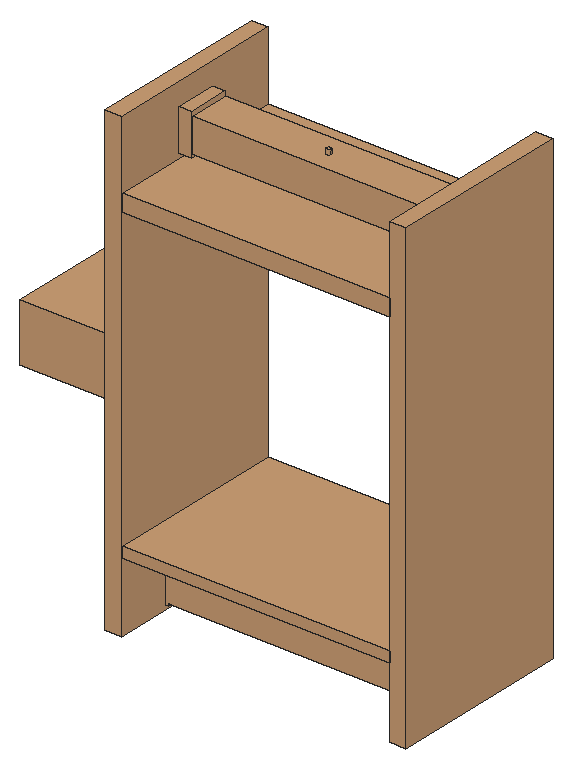
Revit family
Parameters
  Center of Unit = 0' - 0"  # constant formula
  Total Heating Capacity [instance] = 0.0 Btu/h
  Series = "VIFB"
  Outlet Area = 8.08 SF
  Lower Frame Thickness = if(Headers Height = 0' 3", 0' 1 1/4", if(Headers Height = 0' 3 1/4", 0' 1 1/4", 0' 0"))  # 0' - 1 1/4"
  Water Pressure Drop [instance] = 0.00 psi
  Water Flow [instance] = 0 GPM
  Unit Weight (lbs) = 410
  URL = "http://www.ljwing.com/"
  Water Outlet Radius = 0' - 1 1/2"
  Headers Height = if(M = 0' 1", 0' 3", if(M = 0' 1 1/2", 0' 3 1/4", 0' 0"))  # 0' - 3"
  Number of Rows = 2  # constant formula
  Number of Coils [instance] = 0
  Nominal Length = 3' - 0 3/16"
  N = 1' - 0 3/4"
  Model = "VB-3W"
  Manufacturer = "LJ Wing"
  M = 0' - 1"
  Leaving Water Temperature [instance] = 0 °F
  Leaving Air Temperature [instance] = 0 °F
  Entering Water Temperature [instance] = 0 °F
  Entering Air Temperature [instance] = 0 °F
  Description = "Vertical Integral Face & Bypass Water Heating Coils"
  Hot Water Inlet  Radius = 0' - 1 1/2"
  Coil Face Area = Outlet Area * 0.56  # 4.5248 SF
  Casing Material = ""
  Assembly Code = "D3020300"
  Air Vent Radius = 0' - 0 1/4"
  Air Pressure Drop [instance] = 0.00 in-wg
  Air Inlet Width = Nominal Length - 0' 4"  # 2' - 8 3/16"
  Air Inlet Height = Y  # 3' - 0"
  Air Flow [instance] = 0 CFM
  Y = 3' - 0"
  S = 0' - 9 3/4"  # constant formula
  Product URL = "http://www.ljwing.com/html/vifb.asp"
  OmniClass = "23-75 70 21 14 "
  Nominal Height = 4' - 8"
  Nominal Depth = 1' - 10"
  R = 0' - 10 1/4"  # constant formula
  Q = 0' - 3 3/32"
Reference planes (in)
  plane 1 "Center (Front/Back)": y = 0
  plane 2: z = -18
  plane 3 "Center (Left/Right)": x = 0
  plane 4: z = 28.25
  plane 5: x = -18.09375
  plane 6: x = 18.09375
  plane 7: z = -27.75
  plane 8: z = 0
  plane 9: y = -11
  plane 10: y = 11
  plane 11: z = 18
  plane 12: z = 20
  plane 13: z = -19.25
  plane 14: x = 16.09375
  plane 15: x = -16.09375
  plane 16: x = -15
  plane 17: x = 15
  plane 18: y = 14.0625
  plane 19: x = -29.09375
  plane 20: z = 25.125
  plane 21: z = 21.125
  plane 22: y = -2.5
  plane 23: y = 2.5
  plane 24: y = -4.5
  plane 25: z = -25.375
  plane 26: x = -5.34375
  plane 27: x = 5.34375
  plane 28: z = -21.375
Forms (in)
  Extrusion 1, solid, material "Painted Finish"
    sketch origin (0, 6, -9.75) x (1, 0, 0) y (0, 0, 1)
      loop
        line (-18.09375, -18) -> (-16.09375, -18) -> (-16.09375, 38) -> (-18.09375, 38) -> (-18.09375, -18)
      loop
        line (18.09375, -18) -> (18.09375, 38) -> (16.09375, 38) -> (16.09375, -18) -> (18.09375, -18)
    from -5 to 17
  Extrusion 2, solid, material "Painted Finish"
    sketch origin (0, 6, 0) x (1, 0, 0) y (0, 0, 1)
      loop
        line (16.09375, -18) -> (-16.09375, -18) -> (-16.09375, -19.25) -> (16.09375, -19.25) -> (16.09375, -18)
      loop
        line (16.09375, 18) -> (16.09375, 20) -> (-16.09375, 20) -> (-16.09375, 18) -> (16.09375, 18)
    from -5 to 17
  Extrusion 3, solid, material "Painted Finish"
    sketch origin (0, 10, -0.5) x (1, 0, 0) y (0, 0, 1)
      loop
        line (-18.09375, 4) -> (-29.09375, 4) -> (-29.09375, -3) -> (-18.09375, -3) -> (-18.09375, 4)
    from 0 to 20
  Extrusion 4, solid, material "Painted Finish"
    sketch origin (0, 6, 0) x (1, 0, 0) y (0, 0, 1)
      loop
        line (-14.46875, 25.125) -> (-14.46875, 21.125) -> (14.46875, 21.125) -> (14.46875, 25.125) -> (-14.46875, 25.125)
    from 3.5 to 8.5
  Extrusion 5, solid, material "Painted Finish"
    sketch origin (0, 0, 0) x (1, 0, 0) y (0, 0, 1)
      loop
        line (-14.46875, 20.625) -> (-14.46875, 25.625) -> (-16.09375, 25.625) -> (-16.09375, 20.625) -> (-14.46875, 20.625)
      loop
        line (16.09375, 20.625) -> (16.09375, 25.625) -> (14.46875, 25.625) -> (14.46875, 20.625) -> (16.09375, 20.625)
    from -2.5 to 2.5
  Extrusion 6, solid, material "Painted Finish"
    sketch origin (0, 6, 0) x (1, 0, 0) y (0, 0, 1)
      loop
        line (-15.59375, -19.875) -> (-15.59375, -19.625) -> (-16.09375, -19.625) -> (-16.09375, -23.125) -> (-15.59375, -23.125) -> (-15.59375, -22.875) -> (15.59375, -22.875) -> (15.59375, -23.125) -> (16.09375, -23.125) -> (16.09375, -19.625) -> (15.59375, -19.625) -> (15.59375, -19.875) -> (-15.59375, -19.875)
      loop
        line (15.59375, -26.875) -> (15.59375, -27.125) -> (16.09375, -27.125) -> (16.09375, -23.625) -> (15.59375, -23.625) -> (15.59375, -23.875) -> (-15.59375, -23.875) -> (-15.59375, -23.625) -> (-16.09375, -23.625) -> (-16.09375, -27.125) -> (-15.59375, -27.125) -> (-15.59375, -26.875) -> (15.59375, -26.875)
    from -5 to 10.5
  Extrusion 7, void
    sketch origin (0, 0, 0) x (1, 0, 0) y (0, 0, 1)
      loop
        line (-16.09375, 18) -> (-16.09375, -18) -> (16.09375, -18) -> (16.09375, 18) -> (-16.09375, 18)
    from -11 to 11
  Extrusion 8, solid, material "Painted Finish"
    sketch origin (0, 0, 0) x (1, 0, 0) y (0, 0, 1)
      loop
        circle (5.34375, -25.375) r 1
      loop
        circle (-5.34375, -21.375) r 1
    from -14.0625 to -11
  Extrusion 9, solid, material "Painted Finish"
    sketch origin (0, 0, 0) x (1, 0, 0) y (0, 1, 0)
      loop
        circle (0, 0) r 0.25
    from 25.125 to 25.625
Cuts and joins
  Extrusion 7 cuts Extrusion 1
  Extrusion 7 cuts Extrusion 2
Dimensions and locks (in)
  "Nominal Length": plane 6 to plane 5
  equal spacing: plane 6, plane 3 "Center (Left/Right)", plane 5
  "S": plane 2 to plane 7
  "Nominal Depth": plane 10 to plane 9
  equal spacing: plane 10, plane 1 "Center (Front/Back)", plane 9
  "Y": plane 11 to plane 2
  "R": plane 4 to plane 11
  locked: plane 12 to plane 11 at 2
  "Lower Frame Thickness": plane 2 to plane 13
  "Q": plane 16 to plane 5
  "Q": plane 6 to plane 17
  locked: plane 18 to plane 10 at 3.0625
  locked: plane 5 to plane 19 at 11
  locked: Extrusion 3 sketch curve to Extrusion 3 sketch curve at 7
  locked: Extrusion 3 to Extrusion 3 at 20
  locked: plane 6 to plane 14 at 2
  locked: plane 15 to plane 5 at 2
  locked: Extrusion 5 sketch curve to plane 20 at 0.5
  locked: plane 21 to Extrusion 5 sketch curve at 0.5
  locked: plane 20 to plane 21 at 4
  locked: plane 23 to plane 22 at 5
  equal spacing: plane 23, plane 1 "Center (Front/Back)", plane 22
  locked: plane 22 to plane 24 at 2
  plane 4 to plane 7 = 4' - 8"
  locked: Extrusion 5 sketch curve to Extrusion 1 at 1.625
  locked: Extrusion 5 sketch curve to Extrusion 5 sketch curve at 1.625
  locked: Extrusion 7 sketch curve to plane 11 at 0
  locked: Extrusion 7 sketch curve to plane 15 at 0
  locked: Extrusion 7 sketch curve to plane 14 at 0
  locked: plane 15 to Extrusion 6 sketch curve at 0.5
  locked: Extrusion 6 sketch curve to Extrusion 6 sketch curve at 0.25  (x2)
  locked: plane 25 to plane 7 at 2.375
  "N": plane 26 to plane 5
  "N": plane 6 to plane 27
  locked: plane 28 to plane 7 at 6.375
  "Headers Height": Extrusion 6 sketch curve to Extrusion 6 sketch curve  (x2)
  locked: Extrusion 8 sketch curve to plane 25 at 0
  locked: Extrusion 8 sketch curve to plane 28 at 0
  locked: Extrusion 9 sketch curve to plane 1 "Center (Front/Back)" at 0
  locked: Extrusion 9 sketch curve to plane 3 "Center (Left/Right)" at 0
  equal spacing: Extrusion 6 sketch curve, plane 28, Extrusion 6 sketch curve
  equal spacing: Extrusion 6 sketch curve, plane 25, Extrusion 6 sketch curve
  locked: plane 4 to plane 20 at 3.125
  locked: Extrusion 7 sketch curve to plane 2 at 0
  equal spacing: plane 11, plane 8, plane 2
  locked: Extrusion 8 sketch curve to plane 27 at 0
  locked: Extrusion 8 sketch curve to plane 26 at 0
  "M": radius of Extrusion 8 sketch curve  (x2)
  "Air Vent Radius": radius of Extrusion 9 sketch curve
  aligned and locked: Extrusion 1 to plane 9
  aligned and locked: Extrusion 1 to plane 10
  aligned and locked: plane 15 to Extrusion 1
  aligned and locked: Extrusion 1 to plane 14
  aligned and locked: plane 9 to Extrusion 2
  aligned and locked: plane 9 to Extrusion 1
  aligned and locked: plane 10 to Extrusion 1  (x2)
  aligned and locked: Extrusion 2 to plane 10
  aligned and locked: plane 10 to Extrusion 2  (x2)
  aligned and locked: Extrusion 2 to plane 9  (x2)
  aligned and locked: plane 5 to Extrusion 3
  aligned and locked: Extrusion 5 sketch curve to plane 15
  aligned and locked: Extrusion 5 sketch curve to Extrusion 4
  aligned and locked: Extrusion 1 to Extrusion 6
  aligned and locked: plane 22 to Extrusion 5
  aligned and locked: Extrusion 5 to Extrusion 4  (x2)
  aligned and locked: Extrusion 5 to plane 23
  aligned and locked: Extrusion 6 to plane 24
  aligned and locked: Extrusion 4 to Extrusion 5  (x2)
  aligned and locked: Extrusion 5 to Extrusion 1  (x2)
  aligned and locked: Extrusion 1 to Extrusion 7  (x2)
  aligned and locked: Extrusion 8 to plane 18
  aligned and locked: Extrusion 8 to plane 10
  aligned and locked: plane 20 to Extrusion 9
  aligned and locked: Extrusion 9 to Extrusion 5
  aligned and locked: plane 2 to cut or joined group of Extrusion 2, Extrusion 7
  aligned and locked: plane 6 to Extrusion 1 sketch curve
  aligned and locked: plane 14 to Extrusion 1 sketch curve
  aligned and locked: Extrusion 1 sketch curve to plane 15
  aligned and locked: Extrusion 1 sketch curve to plane 5
  aligned and locked: Extrusion 1 sketch curve to plane 4  (x2)
  aligned and locked: plane 7 to Extrusion 1 sketch curve  (x2)
  aligned and locked: Extrusion 2 sketch curve to plane 11
  aligned and locked: Extrusion 2 sketch curve to plane 12
  aligned and locked: plane 2 to Extrusion 2 sketch curve
  aligned and locked: Extrusion 2 sketch curve to plane 13
  aligned and locked: Extrusion 2 sketch curve to plane 14  (x2)
  aligned and locked: Extrusion 2 sketch curve to plane 15  (x2)
  aligned and locked: plane 20 to Extrusion 4 sketch curve
  aligned and locked: Extrusion 4 sketch curve to plane 21
  aligned and locked: Extrusion 6 sketch curve to plane 14  (x2)
  aligned and locked: plane 15 to Extrusion 6 sketch curve  (x2)
Automatic sketch dimensions
  Extrusion 3 sketch curve to plane 19 = 0' - 0"
  Extrusion 3 sketch curve to plane 5 = 0' - 0"
  plane 8 to Extrusion 3 sketch curve = 0' - 3 1/2"
  plane 16 to Extrusion 4 sketch curve = 0' - 0 17/32"
  Extrusion 4 sketch curve to plane 17 = 0' - 0 17/32"
  plane 21 to Extrusion 5 sketch curve = 0' - 0 1/2"
  Extrusion 5 sketch curve to plane 20 = 0' - 0 1/2"
  plane 15 to Extrusion 6 sketch curve = 0' - 0 1/2"  (x2)
  Extrusion 6 sketch curve to Extrusion 6 sketch curve = 0' - 0 1/4"  (x5)
  Extrusion 6 sketch curve to Extrusion 6 sketch curve = 0' - 0"  (x2)
  Extrusion 6 sketch curve to plane 14 = 0' - 0 1/2"  (x2)
  Extrusion 6 sketch curve to Extrusion 6 sketch curve = 0' - 0 1/2"
  Extrusion 6 sketch curve to plane 7 = 0' - 0 5/8"
Connectors (in)
  hvac at (0, -11, 0), driven by "Air Inlet Height", driven by "Air Inlet Width", driven by "Air Flow", driven by "Air Pressure Drop"
    settings: on Extrusion 7, index 1
  hvac at (0, 11, 0), driven by "Air Pressure Drop", driven by "Air Inlet Height", driven by "Air Inlet Width", driven by "Air Flow"
    settings: on Extrusion 7, index 2
  piping at (-5.34375, 14.0625, -21.375), driven by "M", driven by "Water Flow", driven by "Water Pressure Drop"
    settings: on Extrusion 8, index 4
  piping at (5.34375, 14.0625, -25.375), driven by "Water Pressure Drop", driven by "Water Flow", driven by "M"
    settings: on Extrusion 8, index 5
